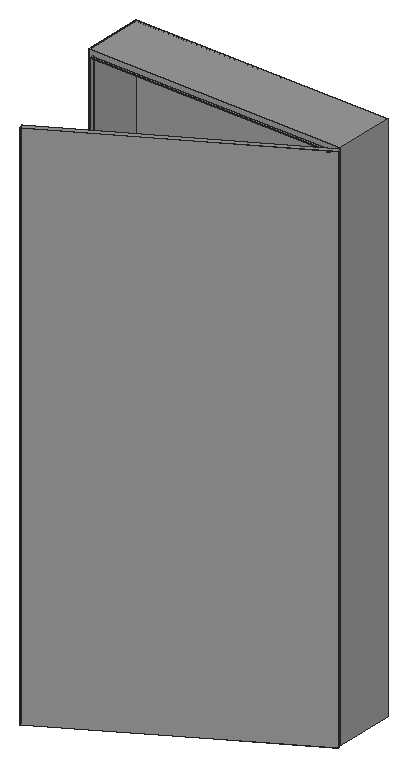
Revit family "Hager-Univers-IP44-D205-H1700-Cl.I-Encl-NoHosted-CH-de", category Equipement électrique, Revit 2020
Family settings
  Configuration du panneau = Deux colonnes, circuits au sein
  Cote de connecteur circulaire = Utiliser le diamètre
  Type d'élément = Tableau de raccordement
  Basée sur le plan de construction = Oui
  Toujours verticalement = Oui
  Couper avec des vides une fois chargée = Non
  Partagée = Non
  Point de calcul de pièce = Non
Parameters (values of type "Aufputz IP44 B800 H1700 T205  - FP13TN2")
  Width Control [instance] = if([EF000008 - Breite] > Min Width, [EF000008 - Breite], Min Width)  # 800 mm
  Commentaires du type = [HG000003 - Bereich]  # "Univers"
  Thickness Door [instance] = if([EF009171 - Materialstärke Tür/Deckel] > 3 mm, 3 mm, [EF009171 - Materialstärke Tür/Deckel])  # 1 mm
  Seal Frame Offset [instance] = 17 mm  # constant formula
  Plinth Visibility [instance] = [HG000027 - Sockelhöhe] > 0 mm  # no
  Min Width [instance] = 100 mm  # constant formula
  Min Depth [instance] = (2 * [EF009170 - Materialstärke Gehäuse]) + 1 mm  # 3 mm
  Min Height [instance] = 100 mm  # constant formula
  Internal Frame Depth [instance] = (Door System Depth * 0.5)  # 9 mm
  Panel Name [instance] = ""  # (empty or 0)
  Model = ""
  HG000027 - Sockelhöhe = 0 mm
  HG000026 - Stehend auf dem Boden = no
  HG000024 - Höhe des unteren Teils = 600 mm
  HG000023 - Gehäuse mit doppeltem Querschnitt = no
  HG000016 - 3D-Türsichtbarkeit [instance] = yes
  HG000015 - Sichtbarkeit der Türöffnung [instance] = no
  HG000014 - Tür rechts [instance] = yes
  HG000013 - Tür links [instance] = not([HG000014 - Tür rechts])  # no
  HG000012 - Türschwenkwinkel [instance] = 30.00°
  HG000010 - Asymmetrische Türen = no
  HG000009 - Doppelflügeligen Tür = no
  HG000006 - Unterputz = no
  HG000004 - Herstellerreferenz = "FP13TN2"
  HG000003 - Bereich = "Univers"
  HG000002 - Mit tür = yes
  Frame Offset Bottom [instance] = 10 mm  # constant formula
  Frame Offset [instance] = 15 mm  # constant formula
  EF015940 - Deckel mit Überdruckentlastung = no
  EF011959 - Schutzart (NEMA) = ""
  EF009554 - Anzahl der Öffnungen für Flanschplatten = 6
  EF009212 - Ausführung Deckel = "EV000116 - geschlossen"
  EF009171 - Materialstärke Tür/Deckel = 1 mm
  EF009170 - Materialstärke Gehäuse = 1 mm
  EF008873 - Nennstrom (In) = 400 A
  EF007800 - Geeignet für Blitzschutz = no
  EF006306 - Mit Schloss = no
  EF006244 - Transparenter Deckel/Tür = no
  EF005474 - Schutzart (IP) = "EV006418 - IP44"
  EF004464 - Art der Tür = "EV002646 - Einzel"
  EF004427 - Anzahl der Module = 396
  EF004293 - Schlagfestigkeit = "EV006815 - IK09"
  EF003532 - Geeignet für Außengebrauch = no
  EF002950 - Breite in Teilungseinheiten = 36
  EF001613 - Funktionserhalt = "EV000494 - ohne"
  EF001596 - Werkstoff des Gehäuses = "EV000179 - Stahl"
  EF001131 - Innentiefe = 205 mm
  EF001088 - Anbaumöglichkeit = yes
  EF000437 - Anzahl der Leitungseinführungen = 6
  EF000339 - Art der Abdeckung = "EV001012 - Deckel"
  EF000266 - Anzahl der Reihen = 11
  EF000218 - Einbautiefe = 205 mm
  EF000118 - Mit Montageplatte = no
  EF000116 - RAL-Nummer = "9010"
  EF000049 - Tiefe = 205 mm
  EF000040 - Höhe = 1700 mm
  EF000008 - Breite = 800 mm
  EF000007 - Farbe = "EV000202 - weiß"
  EF000003 - Montageart = "EV000384 - Aufputz"
  Door System Leaf Tolerance [instance] = 1.5 mm  # constant formula
  Door System Depth [instance] = 18 mm  # constant formula
  Door Height [instance] = Height Control - [HG000027 - Sockelhöhe]  # 1700 mm
  Description = ""
  Default Elevation = 1219.2 mm
  Connector Offset [instance] = Height Control / 2  # 850 mm
  Fabricant = "Hager"  # constant formula
  Height Control [instance] = if([EF000040 - Höhe] > Min Height, [EF000040 - Höhe], Min Height)  # 1700 mm
  Depth Control [instance] = if([EF000049 - Tiefe] > Min Depth, [EF000049 - Tiefe], Min Depth)  # 205 mm
  Bottom Top Plate Trim [instance] = 1.5 mm  # constant formula
  Plinth height Ctrl [instance] = if([HG000027 - Sockelhöhe] > 0 mm, [HG000027 - Sockelhöhe], 12 mm)  # 12 mm
Types (5, lengths in mm): name | Width Control | HG000010 - Asymmetrische Türen | HG000009 - Doppelflügeligen Tür | HG000004 - Herstellerreferenz | EF009554 - Anzahl der Öffnungen für Flanschplatten | EF008873 - Nennstrom (In) | EF004464 - Art der Tür | EF004427 - Anzahl der Module | EF002950 - Breite in Teilungseinheiten | EF000437 - Anzahl der Leitungseinführungen | EF000008 - Breite
  Aufputz IP44 B1050 H1700 T205  - FP14TN2 | 1050 | no | yes | "FP14TN2" | 8 | 400 A | "EV003602 - Doppel" | 528 | 48 | 8 | 1050
  Aufputz IP44 B1300 H1700 T205  - FP15TN2 | 1300 | yes | yes | "FP15TN2" | 10 | 400 A | "EV003602 - Doppel" | 660 | 60 | 10 | 1300
  Aufputz IP44 B300 H1700 T205  - FP11TN2 | 300 | no | no | "FP11TN2" | 2 | 250 A | "EV002646 - Einzel" | 132 | 12 | 2 | 300
  Aufputz IP44 B550 H1700 T205  - FP12TN2 | 550 | no | no | "FP12TN2" | 4 | 250 A | "EV002646 - Einzel" | 264 | 24 | 4 | 550
  Aufputz IP44 B800 H1700 T205  - FP13TN2 | 800 | no | no | "FP13TN2" | 6 | 400 A | "EV002646 - Einzel" | 396 | 36 | 6 | 800
Reference planes
  plane 1 "Center (Front/Back)": y = 0
  plane 2: z = 0
  plane 3 "Center (Left/Right)": x = 0
  plane 4: y = 0
  plane 5: y = 0
  plane 6: z = 0
  plane 7: x = -400
  plane 8: x = 400
  plane 9: x = 399
  plane 10: x = -399
  plane 11: z = 0
  plane 12: z = 1
  plane 13: y = -205
  plane 14: y = -1
  plane 15: x = 0
  plane 16: y = -187
  plane 17: y = -204
  plane 18: y = -186
  plane 19: x = -384
  plane 20: x = 384
  plane 21: z = 11
  plane 22: x = -383
  plane 23: x = 383
  plane 24: z = 0
  plane 25: z = 1700
  plane 26: z = 1700
  plane 27: z = 1684
  plane 28: z = 1699
Forms (mm)
  Extrusion 1, solid, material "Hager_Steel_RAL7035_Light_Grey", detail levels medium+fine
    sketch origin (-208.679, -4572, 0) x (-1, 0, 0) y (0, -1, 0)
      loop
        line (191.321, -4385) -> (-608.679, -4385) -> (-608.679, -4572) -> (191.321, -4572) -> (191.321, -4385)
    from 0 to 1700
  Extrusion 2, void
    sketch origin (-350.771, -205, 1219.2) x (1, 0, 0) y (0, 0, 1)
      loop
        line (-48.229, 479.8) -> (-48.229, -1218.2) -> (749.771, -1218.2) -> (749.771, 479.8) -> (-48.229, 479.8)
    from -19 to -204
  Extrusion 3, void
    sketch origin (-290.084, -187, 1219.2) x (1, 0, 0) y (0, 0, 1)
      loop
        line (-93.916, -1208.2) -> (674.084, -1208.2) -> (674.084, 464.8) -> (-93.916, 464.8) -> (-93.916, -1208.2)
    from 0 to -1
  Extrusion 4, solid, material "Hager_Steel_RAL7035_Light_Grey", visible <- "Plinth Visibility", detail levels medium+fine
    sketch origin (0, 0, 0) x (1, 0, 0) y (0, 1, 0)
      loop
        line (-400, 0) -> (-400, -187) -> (400, -187) -> (400, 0) -> (-400, 0)
    from 0 to 12 <- "Plinth height Ctrl"
  Extrusion 5, solid, material "Hager_Steel_RAL7035_Light_Grey", detail levels coarse
    sketch origin (0, 0, 0) x (1, 0, 0) y (0, 1, 0)
      loop
        line (-400, 0) -> (-400, -205) -> (400, -205) -> (400, 0) -> (-400, 0)
    from 0 to 1700 <- "Height Control"
  Sweep 6, void
    path in 3D
      loop
        line (-400, -187, 12) -> (400, -187, 12) -> (400, 0, 12) -> (-400, 0, 12) -> (-400, -187, 12)
    profile origin (-400, -93.5, 12) x (1, 0, 0) y (0, 0, 1)
      loop
        line (0, 0) -> (0, -1.5) -> (1.5, -1.5)
        arc (1.5, -1.5) -> (1.061, -0.439) -> (0, 0) r 1.5
  Extrusion 7, solid, material "Hager_Steel_RAL7035_Light_Grey", detail levels fine
    sketch origin (-400, -187, 0) x (1, 0, 0) y (0, 0, 1)
      loop
        line (16, 11) -> (784, 11) -> (784, 1684) -> (16, 1684) -> (16, 11)
      loop
        line (15, 10) -> (785, 10) -> (785, 1685) -> (15, 1685) -> (15, 10)
    from 0 to 9 <- "Internal Frame Depth"
Cuts and joins
  Extrusion 2, Extrusion 3 cuts Extrusion 1
  Sweep 6 cuts Extrusion 4
Lines and regions (mm)
  Masking region 1
    outline origin (0, 0, 0) x (1, 0, 0) y (0, 1, 0)
      loop
        line (-400, 0) -> (-400, -205) -> (400, -205) -> (400, 0) -> (-400, 0)
  Masking region 2, detail levels coarse
    outline origin (-290.084, -187, 1219.2) x (-1, 0, 0) y (0, 0, 1)
      loop
        line (-690.084, -1219.2) -> (109.916, -1219.2) -> (109.916, 480.8) -> (-690.084, 480.8) -> (-690.084, -1219.2)
  Masking region 3, detail levels coarse
    outline origin (0, 0, 0) x (0, 1, 0) y (0, 0, 1)
      loop
        line (0, 0) -> (0, 1700) -> (-205, 1700) -> (-205, 0) -> (0, 0)
  Masking region 4, visible <- "Plinth Visibility", detail levels medium+fine
    outline origin (0, 0, 0) x (0, 1, 0) y (0, 0, 1)
      loop
        line (-1.5, 12) -> (-185.5, 12)
        arc (-185.5, 12) -> (-185.939, 10.939) -> (-187, 10.5) r 1.5
        line (-187, 10.5) -> (-187, 0) -> (0, 0) -> (0, 10.5)
        arc (0, 10.5) -> (-1.061, 10.939) -> (-1.5, 12) r 1.5
  Masking region 5, detail levels medium+fine
    outline origin (0, 0, 594.038) x (0, 1, 0) y (0, 0, 1)
      loop
        line (0, -594.038) -> (0, 1105.962) -> (-187, 1105.962) -> (-187, -594.038) -> (0, -594.038)
  Masking region 6, detail levels medium+fine
    outline origin (-359.7, -187, 1211.883) x (-1, 0, 0) y (0, 0, 1)
      loop
        line (-759.7, -1211.883) -> (40.3, -1211.883) -> (40.3, 488.117) -> (-759.7, 488.117) -> (-759.7, -1211.883)
  Masking region 7, visible <- "Plinth Visibility", detail levels medium+fine
    outline origin (-320.334, -187, 1041.368) x (-1, 0, 0) y (0, 0, 1)
      loop
        line (-720.334, -1041.368) -> (79.666, -1041.368) -> (79.666, -1030.868)
        arc (79.666, -1030.868) -> (78.606, -1030.429) -> (78.166, -1029.368) r 1.5
        line (78.166, -1029.368) -> (-718.834, -1029.368)
        arc (-718.834, -1029.368) -> (-719.273, -1030.429) -> (-720.334, -1030.868) r 1.5
        line (-720.334, -1030.868) -> (-720.334, -1041.368)
  sketch lines
    curve 1: line (-400, 0, 12) -> (-400, -187, 12)
    curve 2: line (-400, -187, 12) -> (400, -187, 12)
    curve 3: line (400, 0, 12) -> (-400, 0, 12)
    curve 4: line (400, -187, 12) -> (400, 0, 12)
Dimensions and locks
  locked: plane 1 "Center (Front/Back)" to plane 5
  "EF009170 - Materialstärke Gehäuse": plane 7 to plane 10
  "EF009170 - Materialstärke Gehäuse": plane 8 to plane 9
  equal spacing: plane 7, plane 3 "Center (Left/Right)", plane 8
  "Width Control": plane 7 to plane 8
  "Depth Control": plane 4 to plane 13
  "EF009170 - Materialstärke Gehäuse": plane 4 to plane 14
  "Height Control": plane 25 to level
  "HG000027 - Sockelhöhe": plane 11 to level
  "EF009170 - Materialstärke Gehäuse": plane 12 to plane 11
  "EF009170 - Materialstärke Gehäuse": plane 17 to plane 13
  "EF009170 - Materialstärke Gehäuse": plane 18 to plane 16
  "Frame Offset Bottom": plane 21 to plane 12
  "Frame Offset": plane 10 to plane 19
  "Frame Offset": plane 9 to plane 20
  "Door System Depth": plane 16 to plane 13
  "Seal Frame Offset": plane 7 to plane 22
  "Seal Frame Offset": plane 8 to plane 23
  "EF009170 - Materialstärke Gehäuse": plane 26 to plane 28
  "Frame Offset": plane 28 to plane 27
  "Connector Offset": plane 2 to connector elem
  "Bottom Top Plate Trim": profile plane to Sweep 6 sketch curve
  "Bottom Top Plate Trim": Sweep 6 sketch curve to Sweep 6 sketch curve
  "Plinth height Ctrl": Masking region 4 sketch curve to level
  "Plinth height Ctrl": Masking region 7 sketch curve to level
  "Thickness Door": Extrusion 7 sketch curve to Extrusion 7 sketch curve  (x4)
  "Bottom Top Plate Trim": radius of Sweep 6 sketch curve
  "Bottom Top Plate Trim": radius of Masking region 4 sketch curve  (x2)
  "Bottom Top Plate Trim": radius of Masking region 7 sketch curve  (x2)
  aligned and locked: Extrusion 2 sketch curve to plane 12
  aligned and locked: Extrusion 2 sketch curve to plane 9
  aligned and locked: Extrusion 2 sketch curve to plane 10
  aligned and locked: Extrusion 2 to plane 14
  aligned and locked: Extrusion 1 sketch curve to plane 4
  aligned and locked: plane 8 to Extrusion 1 sketch curve
  aligned and locked: plane 7 to Extrusion 1 sketch curve
  aligned and locked: Extrusion 2 to plane 18
  aligned and locked: Extrusion 3 sketch curve to plane 19
  aligned and locked: plane 20 to Extrusion 3 sketch curve
  aligned and locked: Extrusion 3 to Extrusion 2
  aligned and locked: Extrusion 3 sketch curve to plane 21
  aligned and locked: plane 3 "Center (Left/Right)" to nested 1
  aligned and locked: Extrusion 1 sketch curve to plane 16
  aligned and locked: Extrusion 4 sketch curve to cut or joined group of Extrusion 1, Extrusion 2, Extrusion 3
  aligned and locked: Masking region 1 sketch curve to plane 7
  aligned and locked: Masking region 1 sketch curve to plane 5
  aligned and locked: Masking region 1 sketch curve to plane 8
  aligned and locked: Masking region 2 sketch curve to level
  aligned and locked: level to Masking region 3 sketch curve
  aligned and locked: plane 1 "Center (Front/Back)" to Masking region 3 sketch curve
  aligned and locked: plane 13 to Masking region 3 sketch curve
  aligned and locked: plane 5 to Masking region 4 sketch curve
  aligned and locked: Masking region 2 sketch curve to plane 8
  aligned and locked: Masking region 2 sketch curve to plane 7
  aligned and locked: plane 7 to nested 2
  aligned and locked: nested 2 to plane 5
  aligned and locked: plane 5 to Masking region 5 sketch curve
  aligned and locked: plane 26 to Masking region 5 sketch curve
  aligned and locked: Extrusion 5 sketch curve to plane 8
  aligned and locked: Extrusion 5 sketch curve to plane 7
  aligned and locked: Extrusion 5 sketch curve to plane 5
  aligned and locked: Extrusion 3 sketch curve to plane 27
  aligned and locked: Extrusion 2 sketch curve to plane 28
  aligned and locked: Masking region 2 to plane 25
  aligned and locked: Extrusion 4 to plane 16
  aligned and locked: profile plane to Sweep 6 sketch curve
  aligned and locked: Masking region 5 sketch curve to plane 24
  aligned and locked: level to Masking region 4 sketch curve
  aligned and locked: Masking region 1 to plane 13
  aligned and locked: nested 1 to plane 16
  aligned and locked: Masking region 3 to plane 25
  aligned and locked: plane 16 to Masking region 4 sketch curve
  aligned and locked: Masking region 5 sketch curve to plane 16
  aligned and locked: plane 24 to plane 11
  aligned and locked: plane 26 to plane 25
  aligned and locked: plane 26 to cut or joined group of Extrusion 1, Extrusion 2, Extrusion 3
  aligned and locked: nested 1 to plane 24
  aligned and locked: Extrusion 1 to Extrusion 3
  aligned and locked: Masking region 6 sketch curve to plane 8
  aligned and locked: Masking region 6 sketch curve to plane 24
  aligned and locked: Masking region 6 sketch curve to plane 7
  aligned and locked: Masking region 6 sketch curve to plane 26
  aligned and locked: Masking region 7 sketch curve to plane 7
  aligned and locked: level to Masking region 7 sketch curve
  aligned and locked: Masking region 7 sketch curve to plane 8
  aligned and locked: Extrusion 7 sketch curve to cut or joined group of Extrusion 1, Extrusion 2, Extrusion 3  (x4)
Automatic sketch dimensions
  plane 19 to Extrusion 3 sketch curve = 0 mm
  Extrusion 3 sketch curve to plane 20 = 0 mm
  Extrusion 3 sketch curve to plane 21 = 0 mm
  Extrusion 4 sketch curve to plane 7 = 0 mm
  Extrusion 4 sketch curve to plane 8 = 0 mm
  Extrusion 4 sketch curve to plane 16 = 0 mm
  Masking region 1 sketch curve to plane 13 = 0 mm
  Masking region 2 sketch curve to plane 25 = 0 mm
  Masking region 3 sketch curve to plane 25 = 0 mm
  Extrusion 5 sketch curve to plane 13 = 0 mm
  profile plane to Sweep 6 sketch curve = 0 mm
Nested families
  nested 1: "EC000058_Univers_Door" at (0, -187, 0), Double <- "HG000009 - Doppelflügeligen Tür", Transparent <- "EF006244 - Transparenter Deckel/Tür", Angle <- "HG000012 - Türschwenkwinkel", Door_Right <- "HG000014 - Tür rechts", Assymetrical <- "HG000010 - Asymmetrische Türen", Door <- "HG000002 - Mit tür", Width_Ctrl <- "Width Control", 3d_Door <- "HG000016 - 3D-Türsichtbarkeit", Clearance <- "HG000015 - Sichtbarkeit der Türöffnung", Door_Left <- "HG000013 - Tür links", Width <- "Width Control", Door_Depth <- "Door System Depth", Leaf_Tolerance <- "Door System Leaf Tolerance", Height <- "Door Height", Lock_Visibility <- "EF006306 - Mit Schloss", Thickness <- "Thickness Door", type "EC000058_Univers_Door", detail levels medium+fine
    with min_wh 3 mm, Width_Ctrl 800 mm, Width 800 mm, Transparent no, Thickness 1 mm, Seal_Material Hager_Rubber, Lock_Visibility no, Lock_Material Hager_Plastic_RAL9005_Jet_Black, Leaf_Width 800 mm, Leaf_Tolerance_External_Sides 0 mm, Leaf_Tolerance 1.5 mm, Leaf_Offset 0 mm, Leaf_Height 1697 mm, Leaf_2_Width 800 mm, Leaf_2_Offset 400 mm, Leaf_1_Width 800 mm, Leaf_1_Offset 400 mm, Height_Ctrl 1700 mm, Height 1700 mm, Glass_Material Hager_Glass, Double_Clearance_Ctrl no, Double no, Door_Right_Ctrl yes, Door_Right yes, Door_Material Hager_Steel_RAL7035_Light_Grey, Door_Left_Ctrl no, Door_Left no, Door_Depth 18 mm, Door yes, Clearance_Material Hager_Clearance, Clearance_Depth 800 mm, Clearance_Ctrl no, Clearance no, Assymetrical no, Angle 30.00°, 3d_Door yes
  nested 2: "Hager_Enclosure_Symbol" at (-400, 0, 0), Height <- "Depth Control", Width <- "Width Control", type "Hager_Enclosure_Symbol"
    with Width_Ctrl 800 mm, Width 800 mm, Height_Ctrl 205 mm, Height 205 mm, A_Width_Int 13.453 mm, A_Width 161.438 mm, A_Height_Ctrl 179.375 mm, A_Height 179.375 mm
Connectors
  electrical at (0, 0, 850)
    settings: on plane 1 "Center (Front/Back)", index 1, voltage 0 V, apparent load 0 VA, apparent load phase1 0 VA, apparent load phase2 0 VA, apparent load phase3 0 VA, power factor 1, load classification "Other", number of poles 1, system type 30, power factor state 1, is connector primary yes, connector utility no, sub classification motor no, connector description ""
Definition of nested family "EC000058_Univers_Door"
  Parameters (values of type "EC000058_Univers_Door")
    min_wh [instance] = (2 * Thickness) + 1 mm  # 11 mm
    Width_Ctrl [instance] = 400 mm
    Width [instance] = 500 mm
    Transparent [instance] = yes
    Thickness [instance] = 5 mm
    Seal_Material [instance] = none
    Lock_Visibility [instance] = yes
    Lock_Material [instance] = none
    Leaf_Width [instance] = if((Width_Ctrl - 2 * Leaf_Tolerance_External_Sides) > 0 mm, (Width_Ctrl - 2 * Leaf_Tolerance_External_Sides), min_wh)  # 400 mm
    Leaf_Tolerance_External_Sides [instance] = 0 mm  # constant formula
    Leaf_Tolerance [instance] = 1.5 mm
    Leaf_Offset [instance] = 0 mm  # constant formula
    Leaf_Height [instance] = if((Height_Ctrl - 2 * Leaf_Tolerance) > 0 mm, (Height_Ctrl - 2 * Leaf_Tolerance), min_wh)  # 497 mm
    Leaf_2_Width [instance] = if(and(and(Double, Assymetrical), Door_Left), (Leaf_Width / 3) - (Leaf_Tolerance / 2), if(and(and(Double, Assymetrical), Door_Right), (Leaf_Width / 3) * 2 - (Leaf_Tolerance / 2), if(and(Double, not(Assymetrical)), (Leaf_Width / 2) - Leaf_Tolerance, Leaf_Width)))  # 400 mm
    Leaf_2_Offset [instance] = if(and(Double, Assymetrical), Leaf_2_Width / 2, if(and(Double, not(Assymetrical)), Leaf_Width / 4, Leaf_Width / 2))  # 200 mm
    Leaf_1_Width [instance] = if(and(and(Double, Assymetrical), Door_Right), (Leaf_Width / 3) - (Leaf_Tolerance / 2), if(and(and(Double, Assymetrical), Door_Left), (Width / 3) * 2 - (Leaf_Tolerance / 2), if(and(Double, not(Assymetrical)), (Leaf_Width / 2) - Leaf_Tolerance, Leaf_Width)))  # 400 mm
    Leaf_1_Offset [instance] = if(and(Double, Assymetrical), Leaf_1_Width / 2, if(and(Double, not(Assymetrical)), Leaf_Width / 4, Leaf_Width / 2))  # 200 mm
    Height_Ctrl [instance] = if(Height > min_wh, Height, min_wh)  # 500 mm
    Height [instance] = 500 mm
    Glass_Material [instance] = none
    Double_Clearance_Ctrl [instance] = and(Double, Clearance)  # no
    Double [instance] = no
    Door_Right_Ctrl [instance] = and(or(Door_Right, Double), Door)  # yes
    Door_Right [instance] = yes
    Door_Material [instance] = none
    Door_Left_Ctrl [instance] = and(or(Door_Left, Double), Door)  # no
    Door_Left [instance] = no
    Door_Depth [instance] = 30 mm
    Door [instance] = yes
    Default Elevation = 1219.2 mm
    Clearance_Material [instance] = none
    Clearance_Depth [instance] = if(Leaf_1_Width > Leaf_2_Width, Leaf_1_Width, Leaf_2_Width)  # 400 mm
    Clearance_Ctrl [instance] = and(not(Double), Clearance)  # yes
    Clearance [instance] = yes
    Assymetrical [instance] = yes
    Angle [instance] = 30.00°
    3d_Door [instance] = yes
  Reference planes
    plane 1 "Center (Front/Back)": y = 0
    plane 2 "Bottom": z = 0
    plane 3 "Center (Left/Right)": x = 0
    plane 4: z = 500
    plane 5: x = -200
    plane 6: x = 200
    plane 7: z = 500
    plane 8: x = -200
    plane 9: z = 0
    plane 10: x = 200
    plane 11: y = 0
    plane 12: z = 1.5
    plane 13: x = -600
    plane 14: y = -400
    plane 15: x = 600
    plane 16: x = 0
    plane 17: x = 0
    plane 18: x = -200
    plane 19: x = 200
    plane 20: z = 498.5
  Forms (mm)
    Extrusion 1, solid, material <- "Clearance_Material", visible <- "Double_Clearance_Ctrl"
      sketch origin (1200, 0, 0) x (1, 0, 0) y (0, 0, -1)
        loop
          line (-1800, -498.5) -> (-600, -498.5) -> (-600, 0) -> (-1800, 0) -> (-1800, -498.5)
      from 0 to -400
  Dimensions and locks
    equal spacing: plane 5, plane 3 "Center (Left/Right)", plane 6
    "Width_Ctrl": plane 5 to plane 6
    "Leaf_Offset": plane 5 to plane 8
    "Leaf_Offset": plane 6 to plane 10
    "Leaf_Offset": plane 9 to level
    "Leaf_Offset": plane 4 to plane 7
    "Height_Ctrl": plane 4 to level
    "Leaf_Tolerance": plane 12 to plane 9
    locked: plane 11 to plane 1 "Center (Front/Back)"
    "Leaf_1_Offset": plane 18 to plane 16
    "Leaf_2_Offset": plane 17 to plane 19
    "Leaf_1_Width": plane 13 to plane 8
    "Leaf_2_Width": plane 10 to plane 15
    "Clearance_Depth": plane 14 to plane 1 "Center (Front/Back)"
    "Leaf_Tolerance_External_Sides": plane 8 to plane 18
    "Leaf_Tolerance_External_Sides": plane 19 to plane 10
    "Leaf_Tolerance": plane 7 to plane 20
    aligned and locked: level to plane 2 "Bottom"
    aligned and locked: nested 1 to plane 16
    aligned and locked: nested 2 to plane 17
    aligned and locked: Extrusion 1 to plane 13
    aligned and locked: plane 15 to Extrusion 1
    aligned and locked: Extrusion 1 to plane 14
    aligned and locked: plane 12 to nested 1
    aligned and locked: nested 2 to plane 12
    aligned and locked: Extrusion 1 to plane 11
    aligned and locked: plane 20 to Extrusion 1
    aligned and locked: nested 2 to plane 11
    aligned and locked: nested 1 to plane 11
  Automatic sketch dimensions
    Extrusion 1 sketch curve to level = 0 mm
    plane 5 to Extrusion 1 sketch curve = 400 mm
    plane 6 to Extrusion 1 sketch curve = 400 mm
    Extrusion 1 sketch curve to plane 4 = 1.5 mm
  Nested families
    nested 1: "EC000058_Univers_Door_Leaf" at (0, 0, 1.5), Width <- "Leaf_1_Width", visible <- "Door_Left_Ctrl", Leaf_Height <- "Leaf_Height", Angle <- "Angle", 3d_Door <- "3d_Door", Transparent <- "Transparent", Clearance Material <- "Clearance_Material", Clearance <- "Clearance_Ctrl", Door_Material <- "Door_Material", Glass_Material <- "Glass_Material", Door_Depth <- "Door_Depth", Lock_Material <- "Lock_Material", Seal_Material <- "Seal_Material", Lock_Visibility <- "Lock_Visibility", Thickness <- "Thickness", type "EC000058_Univers_Door_Leaf"
      with Width 400 mm, Transparent_Glass_Offset 30 mm, Transparent_Ctrl yes, Transparent yes, Thickness 5 mm, Standard no, Seal_Material none, Seal_D2 8 mm, Seal_D1 1 mm, Offset_Internal_Frame 10 mm, Lock_Width 20 mm, Lock_Visibility_3d yes, Lock_Visibility yes, Lock_Thickness_3 3 mm, Lock_Thickness_2 1 mm, Lock_Thickness_1 3 mm, Lock_Radius_Offset_2 16 mm, Lock_Radius_Offset_1 15 mm, Lock_Radius_2 5 mm, Lock_Radius 6 mm, Lock_Offset 5 mm, Lock_Material none, Lock_Height 80 mm, Lock_Cover_Top_Offset_2d 17 mm, Lock_Cover_Height -65 mm, Leaf_Height 497 mm, Internal_Seal_Thickness 8 mm, Internal_Seal_Depth_2 4.5 mm, Internal_Frame_Depth 25 mm, Glass_Thickness -1 mm, Glass_Offset -2 mm, Glass_Material none, Door_Material none, Door_Depth 30 mm, Clearance Material none, Clearance yes, Angle_Ctrl 30.00°, Angle 30.00°, 3d_Door yes
    nested 2: "EC000058_Univers_Door_Leaf" at (0, 0, 1.5) x (-1, 0, 0) z (0, 0, 1), Width <- "Leaf_2_Width", visible <- "Door_Right_Ctrl", Leaf_Height <- "Leaf_Height", Angle <- "Angle", 3d_Door <- "3d_Door", Transparent <- "Transparent", Clearance Material <- "Clearance_Material", Clearance <- "Clearance_Ctrl", Door_Material <- "Door_Material", Glass_Material <- "Glass_Material", Door_Depth <- "Door_Depth", Lock_Material <- "Lock_Material", Seal_Material <- "Seal_Material", Lock_Visibility <- "Lock_Visibility", Thickness <- "Thickness", type "EC000058_Univers_Door_Leaf"
      with Width 400 mm, Transparent_Glass_Offset 30 mm, Transparent_Ctrl yes, Transparent yes, Thickness 5 mm, Standard no, Seal_Material none, Seal_D2 8 mm, Seal_D1 1 mm, Offset_Internal_Frame 10 mm, Lock_Width 20 mm, Lock_Visibility_3d yes, Lock_Visibility yes, Lock_Thickness_3 3 mm, Lock_Thickness_2 1 mm, Lock_Thickness_1 3 mm, Lock_Radius_Offset_2 16 mm, Lock_Radius_Offset_1 15 mm, Lock_Radius_2 5 mm, Lock_Radius 6 mm, Lock_Offset 5 mm, Lock_Material none, Lock_Height 80 mm, Lock_Cover_Top_Offset_2d 17 mm, Lock_Cover_Height -65 mm, Leaf_Height 497 mm, Internal_Seal_Thickness 8 mm, Internal_Seal_Depth_2 4.5 mm, Internal_Frame_Depth 25 mm, Glass_Thickness -1 mm, Glass_Offset -2 mm, Glass_Material none, Door_Material none, Door_Depth 30 mm, Clearance Material none, Clearance yes, Angle_Ctrl 30.00°, Angle 30.00°, 3d_Door yes
  Definition of nested family "EC000058_Univers_Door_Leaf"
    Parameters (values of type "EC000058_Univers_Door_Leaf")
      Width [instance] = 2000 mm
      Transparent_Glass_Offset [instance] = 30 mm
      Transparent_Ctrl [instance] = and(Transparent, [3d_Door])  # yes
      Transparent [instance] = yes
      Thickness [instance] = 5 mm
      Standard [instance] = and(not(Transparent), [3d_Door])  # no
      Seal_Material [instance] = none
      Seal_D2 [instance] = 8 mm  # constant formula
      Seal_D1 [instance] = 1 mm  # constant formula
      Offset_Internal_Frame [instance] = 10 mm  # constant formula
      Lock_Width [instance] = 20 mm  # constant formula
      Lock_Visibility_3d [instance] = and(Lock_Visibility, [3d_Door])  # yes
      Lock_Visibility [instance] = yes
      Lock_Thickness_3 [instance] = 3 mm  # constant formula
      Lock_Thickness_2 [instance] = 1 mm  # constant formula
      Lock_Thickness_1 [instance] = 3 mm  # constant formula
      Lock_Radius_Offset_2 [instance] = Lock_Radius_Offset_1 + 1 mm  # 16 mm
      Lock_Radius_Offset_1 [instance] = 15 mm  # constant formula
      Lock_Radius_2 [instance] = Lock_Radius - 1 mm  # 5 mm
      Lock_Radius [instance] = 6 mm  # constant formula
      Lock_Offset [instance] = 5 mm  # constant formula
      Lock_Material [instance] = none
      Lock_Height [instance] = 80 mm  # constant formula
      Lock_Cover_Top_Offset_2d [instance] = Lock_Radius_Offset_2 + 1 mm  # 17 mm
      Lock_Cover_Height [instance] = -(Lock_Height - Lock_Radius_Offset_1)  # -65 mm
      Leaf_Height [instance] = 2720.336 mm
      Internal_Seal_Thickness [instance] = 8 mm  # constant formula
      Internal_Seal_Depth_2 [instance] = 4.5 mm  # constant formula
      Internal_Frame_Depth [instance] = if(Door_Depth - Thickness > 5 mm, Door_Depth - Thickness, 5 mm)  # 25 mm
      Glass_Thickness [instance] = if(Thickness > 15 mm, Glass_Offset + 10 mm, -1 mm)  # -1 mm
      Glass_Offset [instance] = if(Thickness > 15 mm, -(Thickness + 10 mm) / 2, -2 mm)  # -2 mm
      Glass_Material [instance] = none
      Door_Material [instance] = none
      Door_Depth [instance] = 30 mm
      Default Elevation = 0 mm
      Clearance Material [instance] = none
      Clearance [instance] = yes
      Angle_Ctrl [instance] = if(Angle > 180.00°, 180.00°, Angle)  # 90.00°
      Angle [instance] = 90.00°
      3d_Door [instance] = yes
    Reference planes
      plane 1 "Center (Front/Back)": y = 0
      plane 2: z = 0
      plane 3 "Center (Left/Right)": x = 0
      plane 4: y = 2000
      plane 5: x = -1000
      plane 6: x = 1000
      plane 7: x = -3000
      plane 8: z = 2720.336
      plane 9: z = 30
      plane 10: z = 2690.336
      plane 11: x = 970
      plane 12: x = -970
      plane 13: y = -3
      plane 14: z = 107.833
      plane 15: y = -5
      plane 16: y = -223.314
      plane 17: x = -1000
      plane 18: z = 1360.168
      plane 19: y = 30
    Forms (mm)
      Extrusion 1, solid, material <- "Clearance Material", visible <- "Clearance"
        sketch origin (0, 0, 0) x (1, 0, 0) y (0, 0, 1)
          loop
            line (-3000, 2720.336) -> (-3000, 0) -> (1000, 0) -> (1000, 2720.336) -> (-3000, 2720.336)
        from 0 to -2000
      Extrusion 2, solid, material <- "Door_Material", visible <- "Standard", detail levels medium+fine
        sketch origin (-1000, 0, 0) x (0, 1, 0) y (-1, 0, 0)
          loop
            line (0, 30) -> (0, 25) -> (2000, 25) -> (2000, 30) -> (0, 30)
        from 0 to 2720.336 <- "Leaf_Height"
      Extrusion 3, solid, material <- "Door_Material", visible <- "Transparent_Ctrl", detail levels medium+fine
        sketch origin (-1000, 0, 0) x (0, 1, 0) y (-1, 0, 0)
          loop
            line (0, 25) -> (2000, 25) -> (2000, 30) -> (0, 30) -> (0, 25)
        from 0 to 2720.336 <- "Leaf_Height"
      Extrusion 4, void
        sketch origin (-1025, 2000, 0) x (0, 1, 0) y (0, 0, -1)
          loop
            line (-30, -2690.336) -> (-30, -30) -> (-1970, -30) -> (-1970, -2690.336) -> (-30, -2690.336)
        from 0 to 5 <- "Thickness"
      Sweep 5, solid, material <- "Seal_Material", visible <- "Transparent_Ctrl", detail levels fine
        path in 3D
          loop
            line (-1025, 30, 30) -> (-1025, 30, 2690.336) -> (-1025, 1970, 2690.336) -> (-1025, 1970, 30) -> (-1025, 30, 30)
        profile origin (-1025, 1000, 30) x (1, 0, 0) y (0, 0, 1)
          loop
            line (0, 0) -> (0, -8) -> (1, -8) -> (1, 0) -> (0, 0)
      Extrusion 6, solid, material <- "Glass_Material", visible <- "Transparent_Ctrl", detail levels medium+fine
        sketch origin (-1030, 0, 0) x (0, 1, 0) y (0, 0, -1)
          loop
            line (1970, -2690.336) -> (1970, -30) -> (30, -30) -> (30, -2690.336) -> (1970, -2690.336)
        from -2 <- "Glass_Offset" to -1 <- "Glass_Thickness"
      Extrusion 7, solid, material <- "Door_Material", visible <- "3d_Door", detail levels medium+fine
        sketch origin (-1025, 2000, 0) x (0, -1, 0) y (0, 0, -1)
          loop
            line (0, -2720.336) -> (2000, -2720.336) -> (2000, 0) -> (0, 0) -> (0, -2720.336)
          loop
            line (1995, -5) -> (5, -5) -> (5, -2715.336) -> (1995, -2715.336) -> (1995, -5)
        from 0 to 25 <- "Internal_Frame_Depth"
      Sweep 8, solid, material <- "Seal_Material", visible <- "Transparent_Ctrl", detail levels fine
        path in 3D
          loop
            line (-1025, 0, 0) -> (-1025, 2000, 0) -> (-1025, 2000, 2720.336) -> (-1025, 0, 2720.336) -> (-1025, 0, 0)
        profile origin (-1025, 0, 1360.168) x (1, 0, 0) y (0, 1, 0)
          loop
            line (0, 10) -> (2.975, 10)
            arc (2.975, 10) -> (4.053, 10.447) -> (4.5, 11.525) r 1.525
            line (4.5, 11.525) -> (4.5, 16.527)
            arc (4.5, 16.527) -> (4.069, 17.569) -> (3.027, 18) r 1.473
            line (3.027, 18) -> (0, 18) -> (0, 10)
      Extrusion 9, solid, material <- "Lock_Material", visible <- "Lock_Visibility_3d", detail levels fine
        sketch origin (-1030, 0, 0) x (0, 1, 0) y (0, 0, -1)
          loop
            arc (1993.5, -1400.168) -> (1994.561, -1399.729) -> (1995, -1398.668) r 1.5
            line (1995, -1398.668) -> (1995, -1320.168) -> (1975, -1320.168) -> (1975, -1398.668)
            arc (1975, -1398.668) -> (1975.439, -1399.729) -> (1976.5, -1400.168) r 1.5
            line (1976.5, -1400.168) -> (1993.5, -1400.168)
        from 3 <- "Lock_Thickness_1" to 0
      Blend 10, solid, material <- "Lock_Material", visible <- "Lock_Visibility_3d", detail levels fine
        base sketch origin (-1033, 0, 0) x (0, 1, 0) y (0, 0, -1)
          loop
            line (1975, -1320.168) -> (1975, -1398.668)
            arc (1975, -1398.668) -> (1975.439, -1399.729) -> (1976.5, -1400.168) r 1.5
            line (1976.5, -1400.168) -> (1993.5, -1400.168)
            arc (1993.5, -1400.168) -> (1994.561, -1399.729) -> (1995, -1398.668) r 1.5
            line (1995, -1398.668) -> (1995, -1320.168) -> (1975, -1320.168)
        top sketch origin (-1033, 0, 0) x (0, 1, 0) y (0, 0, -1)
          loop
            line (1976, -1320.168) -> (1976, -1398.668)
            arc (1976, -1398.668) -> (1976.146, -1399.022) -> (1976.5, -1399.168) r 0.5
            line (1976.5, -1399.168) -> (1993.5, -1399.168)
            arc (1993.5, -1399.168) -> (1993.854, -1399.022) -> (1994, -1398.668) r 0.5
            line (1994, -1398.668) -> (1994, -1320.168) -> (1976, -1320.168)
        from 0 to 1 <- "Lock_Thickness_2"
      Blend 11, solid, material <- "Lock_Material", visible <- "Lock_Visibility_3d", detail levels fine
        base sketch origin (-1034, 0, 0) x (0, 1, 0) y (0, 0, -1)
          loop
            line (1978, -1320.168) -> (1978, -1384.168)
            arc (1978, -1384.168) -> (1985, -1391.168) -> (1992, -1384.168) r 7
            line (1992, -1384.168) -> (1992, -1320.168) -> (1978, -1320.168)
        top sketch origin (-1034, 0, 0) x (0, 1, 0) y (0, 0, -1)
          loop
            line (1991, -1320.168) -> (1979, -1320.168) -> (1979, -1383.168)
            arc (1979, -1383.168) -> (1985, -1389.168) -> (1991, -1383.168) r 6
            line (1991, -1383.168) -> (1991, -1320.168)
        from 0 to 3 <- "Lock_Thickness_3"
      Extrusion 12, solid, material <- "Lock_Material", visible <- "Lock_Visibility_3d", detail levels fine
        sketch origin (-1030, 1975, 1320.168) x (1, 0, 0) y (0, -1, 0)
          loop
            line (-7, -19) -> (-7, -1) -> (0, -1) -> (0, 0) -> (-8, 0) -> (-8, -20) -> (0, -20) -> (0, -19) -> (-7, -19)
        from 0 to -65 <- "Lock_Cover_Height"
      Extrusion 13, void
        sketch origin (-1038, 1995, 1320.168) x (-1, 0, 0) y (0, 0, -1)
          loop
            line (-5, -65) -> (0, -65) -> (-5, -60) -> (-5, -65)
        from 0 to 20 <- "Lock_Width"
      Extrusion 14, void
        sketch origin (-1038, 1975, 1320.168) x (0, -1, 0) y (0, 0, -1)
          loop
            circle (-10, -15.995) r 6
          loop
            circle (-10, -15.995) r 5
        from 0 to 2
      Extrusion 15, solid, material <- "Lock_Material", visible <- "Lock_Visibility_3d", detail levels medium
        sketch origin (-1030, 0, 0) x (0, 1, 0) y (0, 0, -1)
          loop
            arc (1993.5, -1400.168) -> (1994.561, -1399.729) -> (1995, -1398.668) r 1.5
            line (1995, -1398.668) -> (1995, -1320.168) -> (1975, -1320.168) -> (1975, -1398.668)
            arc (1975, -1398.668) -> (1975.439, -1399.729) -> (1976.5, -1400.168) r 1.5
            line (1976.5, -1400.168) -> (1993.5, -1400.168)
        from 8 to 0
    Cuts and joins
      Extrusion 4 cuts Extrusion 3
      Extrusion 13, Extrusion 14 cuts Extrusion 9
      Extrusion 14 cuts Blend 11
      Extrusion 13, Extrusion 14 cuts Extrusion 12
      joined: Extrusion 9, Blend 10, Blend 11, Extrusion 12
      Extrusion 14 cuts Extrusion 15
    Lines and regions (mm)
      Masking region 1, visible <- "Lock_Visibility", detail levels fine
        outline origin (0, 0, 0) x (0, 1, 0) y (0, 0, 1)
          loop
            line (30, 1320.168) -> (33, 1320.168) -> (33, 1400.168) -> (30, 1400.168) -> (30, 1320.168)
      Masking region 2, visible <- "Lock_Visibility", detail levels fine
        outline origin (0, 3.143, 0) x (0, 1, 0) y (0, 0, 1)
          loop
            line (29.857, 1354.168) -> (30.857, 1354.168) -> (30.857, 1366.168) -> (29.857, 1366.168) -> (29.857, 1354.168)
      Masking region 3, detail levels medium+fine
        outline origin (0, 0, 0) x (0, 1, 0) y (0, 0, 1)
          loop
            line (0, 0) -> (30, 0) -> (30, 2720.336) -> (0, 2720.336) -> (0, 0)
      Masking region 4, detail levels medium+fine
        outline origin (0, 0, 0) x (1, 0, 0) y (0, 0, 1)
          loop
            line (-1000, 2720.336) -> (-1000, 0) -> (1000, 0) -> (1000, 2720.336) -> (-1000, 2720.336)
      Masking region 5, visible <- "Lock_Visibility", detail levels fine
        outline origin (-47.116, 0, 0) x (1, 0, 0) y (0, 0, 1)
          loop
            arc (1024.616, 1399.168) -> (1023.556, 1398.729) -> (1023.116, 1397.668) r 1.5
            line (1023.116, 1397.668) -> (1023.116, 1320.168) -> (1041.116, 1320.168) -> (1041.116, 1397.668)
            arc (1041.116, 1397.668) -> (1040.677, 1398.729) -> (1039.616, 1399.168) r 1.5
            line (1039.616, 1399.168) -> (1024.616, 1399.168)
      Masking region 6, visible <- "Lock_Visibility", detail levels medium+fine
        outline origin (-25, 0, 0) x (1, 0, 0) y (0, 0, 1)
          loop
            arc (1001.5, 1400.168) -> (1000.439, 1399.729) -> (1000, 1398.668) r 1.5
            line (1000, 1398.668) -> (1000, 1320.168) -> (1020, 1320.168) -> (1020, 1398.668)
            arc (1020, 1398.668) -> (1019.561, 1399.729) -> (1018.5, 1400.168) r 1.5
            line (1018.5, 1400.168) -> (1001.5, 1400.168)
      Masking region 7, visible <- "Lock_Visibility", detail levels fine
        outline origin (-73.735, 0, 0) x (1, 0, 0) y (0, 0, 1)
          loop
            line (1051.735, 1382.168) -> (1065.735, 1382.168) -> (1065.735, 1384.168)
            arc (1065.735, 1384.168) -> (1058.735, 1391.168) -> (1051.735, 1384.168) r 7
            line (1051.735, 1384.168) -> (1051.735, 1382.168)
      Masking region 8, visible <- "Lock_Visibility", detail levels fine
        outline origin (-73.735, 0, 0) x (1, 0, 0) y (0, 0, 1)
          loop
            line (1052.735, 1382.168) -> (1064.735, 1382.168) -> (1064.735, 1383.168)
            arc (1064.735, 1383.168) -> (1058.735, 1389.168) -> (1052.735, 1383.168) r 6
            line (1052.735, 1383.168) -> (1052.735, 1382.168)
      Masking region 9, visible <- "Lock_Visibility", detail levels fine
        outline origin (-25, 0, 0) x (1, 0, 0) y (0, 0, 1)
          loop
            line (1020, 1320.168) -> (1020, 1382.168) -> (1000, 1382.168) -> (1000, 1320.168) -> (1020, 1320.168)
      Masking region 10, detail levels medium+fine
        outline origin (0, 0, 0) x (1, 0, 0) y (0, 0, 1)
          loop
            circle (985, 1335.144) r 6
      Masking region 11, detail levels fine
        outline origin (0, 0, 0) x (1, 0, 0) y (0, 0, 1)
          loop
            circle (985, 1335.144) r 5
      Masking region 12, visible <- "Lock_Visibility", detail levels fine
        outline origin (0, 12.767, 0) x (0, 1, 0) y (0, 0, 1)
          loop
            line (20.233, 1320.168) -> (21.233, 1320.168) -> (21.233, 1399.168) -> (20.233, 1400.168) -> (20.233, 1320.168)
      Masking region 13, visible <- "Lock_Visibility", detail levels fine
        outline origin (0, 13.767, -10) x (0, 1, 0) y (0, 0, 1)
          loop
            line (20.233, 1330.168) -> (23.233, 1330.168) -> (23.233, 1399.168) -> (20.233, 1402.168) -> (20.233, 1330.168)
      Masking region 14, visible <- "Lock_Visibility", detail levels fine
        outline origin (0, 12.767, -10) x (0, 1, 0) y (0, 0, 1)
          loop
            line (20.233, 1330.168) -> (25.233, 1330.168) -> (25.233, 1399.305) -> (20.233, 1394.305) -> (20.233, 1330.168)
      Masking region 15, visible <- "Lock_Visibility", detail levels medium
        outline origin (0, 0, 0) x (0, 1, 0) y (0, 0, 1)
          loop
            line (30, 1320.168) -> (38, 1320.168) -> (38, 1400.168) -> (30, 1400.168) -> (30, 1320.168)
      Masking region 16, visible <- "Lock_Visibility", detail levels fine
        outline origin (-1000, 0, 0) x (0, 1, 0) y (-1, 0, 0)
          loop
            line (1975, 30) -> (1995, 30) -> (1995, 38) -> (1975, 38) -> (1975, 30)
          loop
            line (1979, 37) -> (1976, 37) -> (1976, 34) -> (1978, 34) -> (1979, 37)
          loop
            line (1994, 37) -> (1991, 37) -> (1992, 34) -> (1994, 34) -> (1994, 37)
      Masking region 17, visible <- "Lock_Visibility", detail levels medium
        outline origin (-1000, 0, 0) x (0, 1, 0) y (-1, 0, 0)
          loop
            line (1975, 30) -> (1995, 30) -> (1995, 38) -> (1975, 38) -> (1975, 30)
      symbolic lines
        curve 1: line (1000, 0, 0) -> (-3000, 0, 0)
        curve 2: arc (1000, 0, 0) -> (-1000, 2000, 0) -> (-3000, 0, 0) r 2000
        curve 4: line (-1030, 0, 0) -> (-1030, 2000, 0)
      reference lines
        curve 3: line (-1000, 0, 0) -> (-1000, 2000, 0)
      symbolic lines, detail levels medium+fine
        curve 5: line (-1030, 2000, 0) -> (-1025, 2000, 0)
        curve 7: line (-1025, 0, 0) -> (-1030, 0, 0)
        curve 8: line (-1025, 0, 0) -> (-1000, 0, 0)
        curve 9: line (-1000, 0, 0) -> (-1000, 2000, 0)
        curve 10: line (-1000, 2000, 0) -> (-1025, 2000, 0)
      symbolic lines, detail levels fine
        curve 6: line (-1025, 2000, 0) -> (-1025, 0, 0)
      sketch lines
        curve 11: line (-1025, 0, 2720.336) -> (-1025, 0, 0)
        curve 12: line (-1025, 2000, 0) -> (-1025, 0, 0)
        curve 13: line (-1025, 2000, 2720.336) -> (-1025, 2000, 0)
        curve 14: line (-1025, 0, 2720.336) -> (-1025, 2000, 2720.336)
        curve 15: line (-1025, 1970, 30) -> (-1025, 30, 30)
        curve 16: line (-1025, 30, 30) -> (-1025, 30, 2690.336)
        curve 17: line (-1025, 1970, 2690.336) -> (-1025, 1970, 30)
        curve 18: line (-1025, 30, 2690.336) -> (-1025, 1970, 2690.336)
      symbolic lines, visible <- "Transparent", detail levels medium+fine
        curve 19: line (-970, 0, 2690.336) -> (970, 0, 2690.336)
        curve 20: line (-970, 0, 30) -> (-970, 0, 2690.336)
        curve 21: line (970, 0, 30) -> (-970, 0, 30)
        curve 22: line (970, 0, 2690.336) -> (970, 0, 30)
    Dimensions and locks
      "Width": plane 1 "Center (Front/Back)" to plane 4
      equal spacing: plane 5, plane 3 "Center (Left/Right)", plane 6
      "Width": plane 5 to plane 6
      "Width": plane 7 to plane 5
      "Leaf_Height": plane 8 to level
      "Width": curve 5 to curve 3
      "Width": curve 3 to curve 3
      plane 8 to plane 10 = 30 mm
      plane 9 to level = 30 mm
      plane 12 to plane 5 = 30 mm
      plane 6 to plane 11 = 30 mm
      Extrusion 1 to Extrusion 4 sketch curve = 30 mm
      "Transparent_Glass_Offset": curve 3 to Extrusion 4 sketch curve
      "Transparent_Glass_Offset": Extrusion 4 sketch curve to cut or joined group of Extrusion 3, Extrusion 4  (x2)
      cut or joined group of Extrusion 3, Extrusion 4 to Extrusion 6 sketch curve = 30 mm
      "Transparent_Glass_Offset": cut or joined group of Extrusion 3, Extrusion 4 to Extrusion 4 sketch curve
      "Thickness": curve 6 to curve 4
      "Thickness": Extrusion 7 sketch curve to Extrusion 7 sketch curve  (x4)
      "Door_Depth": curve 4 to curve 3
      "Offset_Internal_Frame": profile plane to Sweep 8 sketch curve
      "Internal_Seal_Thickness": Sweep 8 sketch curve to Sweep 8 sketch curve
      "Internal_Seal_Depth_2": profile plane to Sweep 8 sketch curve
      "Seal_D1": profile plane to Sweep 5 sketch curve
      "Seal_D2": profile plane to Sweep 5 sketch curve
      "Thickness": Extrusion 2 sketch curve to Extrusion 2 sketch curve
      equal spacing: Extrusion 9 sketch curve, plane 18, Extrusion 9 sketch curve  (x2)
      equal spacing: Masking region 1 sketch curve, plane 18, Masking region 1 sketch curve
      "Lock_Height": Masking region 1 sketch curve to Masking region 1 sketch curve
      "Lock_Radius": Masking region 2 sketch curve to plane 18 to Masking region 2 sketch curve
      Masking region 2 sketch curve to Masking region 1 = 1 mm
      "Door_Depth": plane 19 to plane 1 "Center (Front/Back)"
      "Lock_Thickness_1": Masking region 1 sketch curve to plane 19
      "Lock_Width": Extrusion 9 sketch curve to Extrusion 9 sketch curve
      "Lock_Height": Extrusion 9 sketch curve to Extrusion 9 sketch curve
      "Lock_Offset": cut or joined group of Extrusion 3, Extrusion 4 to Extrusion 9 sketch curve
      equal spacing: plane 8, plane 18, level
      "Lock_Radius_Offset_1": Blend 11 sketch curve to Blend 10
      locked: Blend 10 to Blend 11 sketch curve at 2  (x2)
      locked: var sketch to Blend 11 sketch curve at 1  (x2)
      "Lock_Radius_Offset_2": Blend 11 sketch curve to Blend 10
      locked: Extrusion 12 sketch curve to Extrusion 12 sketch curve at 1  (x3)
      Masking region 6 sketch curve to Masking region 6 sketch curve = 80 mm
      "Lock_Height": Masking region 6 sketch curve to Masking region 6 sketch curve
      "Lock_Width": Masking region 6 sketch curve to Masking region 6 sketch curve
      locked: Masking region 6 to Masking region 5 sketch curve at 1  (x3)
      locked: Masking region 5 to Masking region 7 sketch curve at 2  (x2)
      "Lock_Radius_Offset_1": Masking region 5 to Masking region 7 sketch curve
      "Lock_Radius_Offset_2": Masking region 5 to Masking region 8 sketch curve
      locked: Masking region 7 to Masking region 8 sketch curve at 1  (x2)
      "Lock_Cover_Top_Offset_2d": Masking region 5 to Masking region 9 sketch curve
      equal spacing: Masking region 9, Masking region 10 sketch curve, Masking region 9
      equal spacing: Masking region 9, Masking region 11 sketch curve, Masking region 9
      Extrusion 15 sketch curve to Extrusion 15 sketch curve = 80 mm
      "Lock_Width": Extrusion 15 sketch curve to Extrusion 15 sketch curve
      "Lock_Height": Extrusion 15 sketch curve to Extrusion 15 sketch curve
      equal spacing: Extrusion 15 sketch curve, plane 18, Extrusion 15 sketch curve
      "Lock_Thickness_3": Masking region 13 sketch curve to Masking region 13 sketch curve
      "Lock_Height": Masking region 12 sketch curve to Masking region 12 sketch curve
      locked: Masking region 13 sketch curve to Masking region 1 at 8
      locked: Masking region 14 sketch curve to Masking region 13 at 1
      locked: Masking region 14 sketch curve to Masking region 1 at 10.863
      "Lock_Height": Masking region 15 sketch curve to Masking region 15 sketch curve
      "Lock_Offset": Extrusion 15 sketch curve to cut or joined group of Extrusion 3, Extrusion 4
      "Lock_Offset": plane 6 to Masking region 6 sketch curve
      radius of Sweep 8 sketch curve = 1.525 mm
      radius of Sweep 8 sketch curve = 1.473 mm
      radius of Extrusion 9 sketch curve = 1.5 mm  (x2)
      "Lock_Radius": radius of Extrusion 14 sketch curve
      "Lock_Radius_2": radius of Extrusion 14 sketch curve
      "Lock_Radius": radius of Masking region 10 sketch curve
      "Lock_Radius_2": radius of Masking region 11 sketch curve
      radius of Extrusion 15 sketch curve = 1.5 mm  (x2)
      "Angle_Ctrl": angle plane 1 "Center (Front/Back)" to curve 3
      locked: Masking region 12 sketch curve to Masking region 12 sketch curve (angle 45.00°)
      locked: Masking region 13 sketch curve to Masking region 13 sketch curve (angle 45.00°)
      locked: Masking region 14 sketch curve to Masking region 14 sketch curve (angle 45.00°)
      aligned and locked: level to plane 2
      aligned and locked: Extrusion 1 to curve 1
      aligned and locked: plane 6 to Extrusion 1
      aligned and locked: Extrusion 1 to plane 1 "Center (Front/Back)"
      aligned and locked: plane 4 to Extrusion 1
      aligned and locked: plane 8 to Extrusion 1
      aligned and locked: curve 7 to Extrusion 2 sketch curve
      aligned and locked: curve 5 to Extrusion 2 sketch curve
      aligned and locked: curve 7 to Extrusion 3 sketch curve
      aligned and locked: Extrusion 3 sketch curve to curve 4
      aligned and locked: Extrusion 3 sketch curve to curve 6
      aligned and locked: Extrusion 3 sketch curve to curve 5
      aligned and locked: curve 9 to curve 3
      aligned and locked: Extrusion 7 sketch curve to cut or joined group of Extrusion 3, Extrusion 4  (x4)
      aligned and locked: plane 17 to curve 3
      aligned and locked: plane 1 "Center (Front/Back)" to curve 3
      aligned and locked: plane 17 to plane 5
      aligned and locked: Sweep 8 sketch curve to profile plane
      aligned and locked: Sweep 5 sketch curve to profile plane  (x2)
      aligned and locked: Masking region 1 to Masking region 2 sketch curve
      aligned and locked: plane 19 to Masking region 1 sketch curve
      aligned and locked: plane 1 "Center (Front/Back)" to Masking region 3 sketch curve
      aligned and locked: plane 19 to Masking region 3 sketch curve
      aligned and locked: level to Masking region 3 sketch curve
      aligned and locked: Masking region 3 sketch curve to plane 8
      aligned and locked: plane 17 to Masking region 4 sketch curve
      aligned and locked: level to Masking region 4 sketch curve
      aligned and locked: Masking region 4 sketch curve to plane 8
      aligned and locked: plane 12 to curve 20
      aligned and locked: plane 10 to curve 19
      aligned and locked: plane 11 to curve 22
      aligned and locked: curve 21 to plane 9
      aligned and locked: Extrusion 2 sketch curve to cut or joined group of Extrusion 3, Extrusion 4
      aligned and locked: Blend 10 sketch curve to Extrusion 9  (x4)
      aligned and locked: Extrusion 9 to Blend 10 sketch curve
      aligned and locked: Blend 10 to Blend 11 sketch curve
      aligned and locked: Extrusion 12 sketch curve to Blend 11
      aligned and locked: Extrusion 12 sketch curve to Extrusion 9  (x4)
      aligned and locked: Masking region 5 sketch curve to Masking region 6
      aligned and locked: Masking region 9 sketch curve to Masking region 6  (x3)
      aligned and locked: Masking region 12 sketch curve to Masking region 1
      aligned and locked: Masking region 13 sketch curve to Masking region 1
      aligned and locked: Masking region 12 to Masking region 14
      aligned and locked: Masking region 14 sketch curve to Masking region 1
      aligned and locked: Masking region 15 sketch curve to Masking region 14
      aligned and locked: Masking region 13 sketch curve to Masking region 12
      aligned and locked: Masking region 16 sketch curve to cut or joined group of Extrusion 14, Extrusion 15  (x4)
      aligned and locked: Masking region 16 sketch curve to cut or joined group of Extrusion 9, Blend 10, Blend 11, Extrusion 12, Extrusion 13, Extrusion 14  (x6)
      aligned and locked: cut or joined group of Extrusion 9, Blend 10, Blend 11, Extrusion 12, Extrusion 13, Extrusion 14 to Masking region 16 sketch curve
      aligned and locked: Masking region 17 sketch curve to cut or joined group of Extrusion 14, Extrusion 15  (x3)
      aligned and locked: Masking region 17 sketch curve to cut or joined group of Extrusion 9, Blend 10, Blend 11, Extrusion 12, Extrusion 13, Extrusion 14
      aligned and locked: Masking region 9 to Masking region 8 sketch curve
      aligned and locked: Masking region 9 to Masking region 7 sketch curve
    Automatic sketch dimensions
      plane 1 "Center (Front/Back)" to curve 2 = 0 mm
      curve 2 to plane 5 = 0 mm
      Extrusion 1 sketch curve to level = 0 mm
      Extrusion 1 sketch curve to plane 7 = 0 mm
      Extrusion 1 sketch curve to plane 6 = 0 mm
      Extrusion 1 sketch curve to plane 8 = 0 mm
      Extrusion 3 to Extrusion 6 sketch curve = 30 mm  (x4)
      Masking region 4 sketch curve to plane 6 = 0 mm
      Blend 10 sketch curve to Extrusion 9 = 1.5 mm
      Blend 10 sketch curve to Extrusion 9 = 1 mm
      Extrusion 13 sketch curve to Extrusion 12 = 0 mm  (x2)
      Extrusion 12 to Extrusion 13 sketch curve = 3 mm
      Extrusion 13 sketch curve to Extrusion 12 = 5 mm
      Extrusion 14 sketch curve to Extrusion 14 sketch curve = 0 mm  (x2)
      Extrusion 14 sketch curve to Extrusion 12 = 10 mm
      Extrusion 14 sketch curve to Extrusion 12 = 15.995 mm
      Masking region 5 sketch curve to Masking region 5 sketch curve = 1.5 mm  (x2)
      Masking region 10 sketch curve to plane 18 = 25.024 mm
      Masking region 11 sketch curve to plane 18 = 25.024 mm
      plane 19 to Masking region 14 sketch curve = 3 mm
      Masking region 16 sketch curve to Masking region 16 sketch curve = 3 mm
      curve 4 to curve 3 = 0 mm
      Blend 10 to Blend 11 sketch curve = 0 mm
      Masking region 6 sketch curve to Masking region 6 sketch curve = 1.5 mm  (x2)
      Masking region 6 sketch curve to plane 18 = 40 mm
      plane 19 to Masking region 12 sketch curve = 3 mm
      Masking region 12 sketch curve to Masking region 12 sketch curve = 1 mm
      Masking region 15 sketch curve to plane 19 = 0 mm
      Masking region 15 sketch curve to plane 18 = 40 mm
      radius of Blend 10 sketch curve to Extrusion 9 = 1 mm
Definition of nested family "Hager_Enclosure_Symbol"
  Parameters (values of type "Hager_Enclosure_Symbol")
    Width_Ctrl [instance] = if(Width > 1 mm, Width, 1 mm)  # 102.27 mm
    Width [instance] = 102.27 mm
    Height_Ctrl [instance] = if(Height > 1 mm, Height, 1 mm)  # 66.5 mm
    A_Width_Int [instance] = if(A_Width / 12 > 2 mm, A_Width / 12, 2 mm)  # 4.364 mm
    A_Width [instance] = if(A_Height_Ctrl * 0.9 > 2 mm, A_Height_Ctrl * 0.9, 2 mm)  # 52.369 mm
    A_Height_Ctrl [instance] = if(A_Height > 2 mm, A_Height, 2 mm)  # 58.188 mm
    Height [instance] = 66.5 mm
    A_Height [instance] = Height - (Height / 8)  # 58.188 mm
  Reference planes
    plane 1 "Centre (avant/arrière)": y = 0
    plane 2: z = 0
    plane 3 "Centre (gauche/droite)": x = 0
    plane 4: x = 52.369
    plane 5: y = 33.042
    plane 6: y = 41.77
    plane 7: y = 66.5
    plane 8: x = 26.184
    plane 9: y = 37.406
    plane 10: x = 102.27
    plane 11: y = 66.5
    plane 12: y = 8.313
  Lines and regions (mm)
    Filled region 1, type "Solid_Black", in view "Niveau de réf."
      outline origin (0, 0, 0) x (1, 0, 0) y (0, 1, 0)
        loop
          line (52.369, 66.5) -> (33.188, 54.536) -> (45.365, 45.006) -> (52.369, 66.5)
    Filled region 2, type "Solid_Black", in view "Niveau de réf."
      outline origin (0, 0, 0) x (1, 0, 0) y (0, 1, 0)
        loop
          line (0, 0) -> (102.27, 0) -> (102.27, 66.5) -> (0, 0)
    detail lines, in view "Niveau de réf."
      curve 1: line (0, 8.313, 0) -> (26.184, 41.77, 0)
      curve 2: line (26.184, 41.77, 0) -> (26.184, 33.042, 0)
      curve 3: line (26.184, 33.042, 0) -> (52.369, 66.5, 0)
  Dimensions and locks
    "A_Width": plane 3 "Centre (gauche/droite)" to plane 4
    equal spacing: plane 3 "Centre (gauche/droite)", plane 8, plane 4
    equal spacing: plane 6, plane 9, plane 5
    equal spacing: curve 3, Filled region 1 sketch curve, Filled region 1 sketch curve
    "Height_Ctrl": plane 1 "Centre (avant/arrière)" to plane 11
    "A_Height_Ctrl": plane 11 to plane 12
    equal spacing: plane 11, plane 9, plane 12
    "A_Width_Int": plane 6 to plane 9
    "Width_Ctrl": plane 3 "Centre (gauche/droite)" to plane 10
    angle Filled region 1 sketch curve to curve 3 = 20.00°
    angle curve 3 to Filled region 1 sketch curve = 20.00°
    locked: curve 3 to Filled region 1 sketch curve (angle 90.00°)
    aligned and locked: plane 10 to Filled region 2
    aligned and locked: plane 11 to Filled region 2 sketch curve
    aligned and locked: plane 10 to Filled region 2 sketch curve
    aligned and locked: plane 3 "Centre (gauche/droite)" to curve 1
    aligned and locked: plane 12 to curve 1
    aligned and locked: plane 7 to plane 11
  Automatic sketch dimensions
    Filled region 1 sketch curve to plane 4 = 0 mm
    Filled region 1 sketch curve to plane 7 = 0 mm
    plane 1 "Centre (avant/arrière)" to Filled region 2 sketch curve = 0 mm
    Filled region 2 sketch curve to plane 3 "Centre (gauche/droite)" = 0 mm
    curve 2 to plane 6 = 0 mm
    curve 2 to plane 8 = 0 mm
    curve 3 to plane 4 = 0 mm
    curve 2 to plane 5 = 0 mm
    curve 3 to plane 7 = 0 mm
